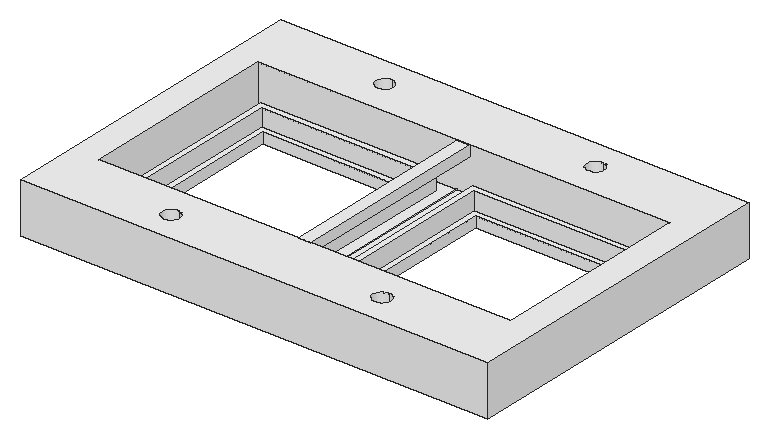
Revit family "Gira_021266", category Electrical Fixtures, host Face, Revit 2017
Family settings
  Host = Face
  Maintain Annotation Orientation = No
  Round Connector Dimension = Use Diameter
  Part Type = Normal
  Cut with Voids When Loaded = No
  Shared = No
  Room Calculation Point = No
Parameters (values of type "Abdeckrahmen 2f Gira TX_44 (WG UP) Reinweiß")
  Werkstoffgüte = "Thermoplast"
  Werkstoff = "Kunststoff"
  URL = "http://katalog.gira.de/de_DE/datenblatt.html?artikelnr=021266"
  Transparent = "No"
  Textfeld/Beschriftungsfläche = "No"
  Schutzart (IP) = "IP44"
  Region = "DE"
  RAL-Nummer (ähnlich) = "9010 "
  Oberfläche = "sonstige"
  Name = "Abdeckrahmen 2f Gira TX_44 (WG UP) Reinweiß"
  Montagerichtung = "horizontal und vertikal"
  Mit Montagerahmen = "No"
  Mit Klappdeckel = "No"
  Manufacturer URL = "https://www.gira.de/"
  Keynote = "TX44_Rahmen_2fach"
  HeinzeBIM = "https://bimportal.heinze.de/bim/abdeckrahmen-2f-gira-tx-44-wg-up-reinweiss/365efa08448bc6074fa0fcff3345500aae649536"
  Halogenfrei = "No"
  HAN = "021266"
  Geeignet für Unterputz-Installation = "Yes"
  Geeignet für Unterflurkanaldose = "No"
  Geeignet für Geräteeinbaukanal = "No"
  Geeignet für Einbauinstallation = "No"
  GTIN = "4010337212669"
  Farbe = "weiß"
  Default Elevation = 1219.2 mm
  Data sheet (1) = "https://katalog.gira.de/de_DE/download.html?artikelnr=021266"
  Category = "Abdeckrahmen"
  Befestigungsart = "Klemmbefestigung"
  Available = "Yes"
  Anzahl der Einheiten vertikal = "2 "
  Anzahl der Einheiten horizontal = "2 "
  Anzahl der Einheiten = "2 "
Reference planes
  plane 1 "Center (Front/Back)": y = 0
  plane 2: z = 0
  plane 3 "Center (Left/Right)": x = 0
  plane 4: x = 78.75
  plane 5: x = 2
  plane 6: x = -2
Forms (mm)
  Extrusion 1, solid, material "White", detail levels fine
    sketch origin (-35.841, 0, 0) x (0, -1, 0) y (1, 0, 0)
      loop
        line (-54.959, 114.591) -> (-54.959, -42.909) -> (54.959, -42.909) -> (54.959, 114.591) -> (-54.959, 114.591)
      loop
        line (-33.5, -33.5) -> (33.5, -33.5) -> (33.5, 105.183) -> (-33.5, 105.183) -> (-33.5, -33.5)
      loop
        circle (-45, -0.006) r 3
      loop
        circle (44.992, 0.001) r 3
      loop
        circle (-45, 71.094) r 3
      loop
        circle (44.992, 71.101) r 3
    from 0 to 16.9
  Extrusion 2, solid, material "White", detail levels fine
    sketch origin (-35.841, 0, 0) x (0, -1, 0) y (1, 0, 0)
      loop
        line (-25.5, 25.5) -> (-25.5, -25.5) -> (25.5, -25.5) -> (25.5, 25.5) -> (-25.5, 25.5)
      loop
        line (-33.5, 33.5) -> (-33.5, -33.5) -> (33.5, -33.5) -> (33.5, 33.5) -> (-33.5, 33.5)
    from -1.6 to 2
  Extrusion 3, solid, material "White", detail levels fine
    sketch origin (-35.841, 0, 0) x (0, -1, 0) y (1, 0, 0)
      loop
        line (-27.5, 27.5) -> (-27.5, -27.5) -> (27.5, -27.5) -> (27.5, 27.5) -> (-27.5, 27.5)
      loop
        line (-29.5, 29.5) -> (-29.5, -29.5) -> (29.5, -29.5) -> (29.5, 29.5) -> (-29.5, 29.5)
    from 2 to 7.8
  Extrusion 4, solid, material "White", detail levels coarse+medium
    sketch origin (-35.841, 0, 0) x (0, -1, 0) y (1, 0, 0)
      loop
        line (-54.959, 114.591) -> (-54.959, -42.909) -> (54.959, -42.909) -> (54.959, 114.591) -> (-54.959, 114.591)
    from -1.6 to 16.9
  Extrusion 5, solid, material "White", detail levels fine
    sketch origin (35.841, 0, 0) x (0, -1, 0) y (1, 0, 0)
      loop
        line (-25.5, 25.5) -> (-25.5, -25.5) -> (25.5, -25.5) -> (25.5, 25.5) -> (-25.5, 25.5)
      loop
        line (-33.5, 33.5) -> (-33.5, -33.5) -> (33.5, -33.5) -> (33.5, 33.5) -> (-33.5, 33.5)
    from -1.6 to 2
  Extrusion 6, solid, material "White", detail levels fine
    sketch origin (35.841, 0, 0) x (0, -1, 0) y (1, 0, 0)
      loop
        line (-27.5, 27.5) -> (-27.5, -27.5) -> (27.5, -27.5) -> (27.5, 27.5) -> (-27.5, 27.5)
      loop
        line (-29.5, 29.5) -> (-29.5, -29.5) -> (29.5, -29.5) -> (29.5, 29.5) -> (-29.5, 29.5)
    from 2 to 7.8
  Extrusion 7, solid, material "White", detail levels fine
    sketch origin (-35.841, 0, 0) x (0, -1, 0) y (1, 0, 0)
      loop
        line (-33.5, 38.183) -> (-33.5, 33.5) -> (33.5, 33.5) -> (33.5, 38.183) -> (-33.5, 38.183)
    from 0 to 2
  Extrusion 8, solid, material "White", detail levels fine
    sketch origin (-35.841, 0, 0) x (0, -1, 0) y (1, 0, 0)
      loop
        line (-33.5, 37.841) -> (-33.5, 33.841) -> (33.5, 33.841) -> (33.5, 37.841) -> (-33.5, 37.841)
    from 13.4 to 16.9
Dimensions and locks
  aligned and locked: plane 2 to host face
  aligned and locked: level to host face
